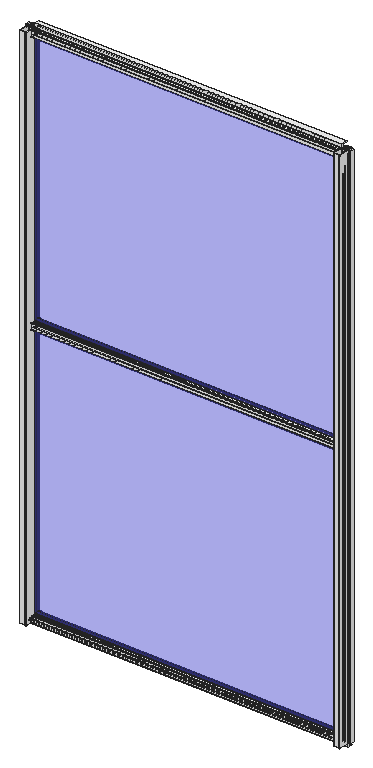
Revit family "Facade_60_Curtain_Wall_E12_Standard", category Windows, host Wall, Revit 2014 (continued)
Definition of nested family "F60 Vertical Profile Side_E12_Std"
  Automatic sketch dimensions
    Extrusion 10 sketch curve to Extrusion 10 sketch curve = 3.2 mm  (x2)
    Extrusion 10 sketch curve to Extrusion 10 sketch curve = 3.031 mm  (x2)
    Extrusion 10 sketch curve to Extrusion 10 sketch curve = 0.6 mm  (x3)
    Extrusion 10 sketch curve to Extrusion 10 sketch curve = 15.584 mm  (x2)
    Extrusion 10 sketch curve to Extrusion 10 sketch curve = 0.808 mm  (x2)
    Extrusion 10 sketch curve to Extrusion 10 sketch curve = 3.038 mm
    Extrusion 10 sketch curve to Extrusion 10 sketch curve = 0.865 mm
    Extrusion 10 sketch curve to Extrusion 10 sketch curve = 1.25 mm  (x5)
    Extrusion 10 sketch curve to Extrusion 10 sketch curve = 0.61 mm
    plane 1 "Center (Front/Back)" to Extrusion 10 sketch curve = 31.288 mm
    Extrusion 10 sketch curve to Extrusion 10 sketch curve = 0.362 mm
    plane 1 "Center (Front/Back)" to Extrusion 10 sketch curve = 31.65 mm
    Extrusion 10 sketch curve to Extrusion 10 sketch curve = 0.962 mm
    Extrusion 10 sketch curve to Extrusion 10 sketch curve = 0.85 mm
    Extrusion 10 sketch curve to Extrusion 10 sketch curve = 0.512 mm  (x2)
    Extrusion 10 sketch curve to Extrusion 10 sketch curve = 0.4 mm  (x2)
    Extrusion 10 sketch curve to Extrusion 10 sketch curve = 1 mm
    Extrusion 10 sketch curve to Extrusion 10 sketch curve = 2.8 mm
    Extrusion 10 sketch curve to Extrusion 10 sketch curve = 0 mm  (x2)
    Extrusion 10 sketch curve to Extrusion 10 sketch curve = 1.4 mm
    Extrusion 10 sketch curve to Extrusion 10 sketch curve = 0.539 mm  (x2)
    plane 1 "Center (Front/Back)" to Extrusion 10 sketch curve = 28.864 mm
    Extrusion 11 sketch curve to plane 3 "Center (Left/Right)" = 0 mm
    plane 3 "Center (Left/Right)" to Extrusion 11 sketch curve = 0.65 mm
    Extrusion 11 sketch curve to Extrusion 11 sketch curve = 0.128 mm  (x2)
    plane 3 "Center (Left/Right)" to Extrusion 11 sketch curve = 1.014 mm
    plane 3 "Center (Left/Right)" to Extrusion 11 sketch curve = 1.05 mm
    Extrusion 11 sketch curve to Extrusion 11 sketch curve = 0.469 mm  (x2)
    Extrusion 11 sketch curve to Extrusion 11 sketch curve = 1.079 mm
    Extrusion 11 sketch curve to Extrusion 11 sketch curve = 1.317 mm  (x2)
    Extrusion 11 sketch curve to Extrusion 11 sketch curve = 0 mm  (x3)
    plane 3 "Center (Left/Right)" to Extrusion 11 sketch curve = 3.85 mm
    Extrusion 11 sketch curve to Extrusion 11 sketch curve = 0.15 mm  (x2)
    Extrusion 11 sketch curve to Extrusion 11 sketch curve = 26 mm  (x2)
    Extrusion 11 sketch curve to Extrusion 11 sketch curve = 1.05 mm
    Extrusion 11 sketch curve to Extrusion 11 sketch curve = 0.707 mm
    Extrusion 11 sketch curve to Extrusion 11 sketch curve = 0.433 mm
    plane 1 "Center (Front/Back)" to Extrusion 11 sketch curve = 31.288 mm
    plane 1 "Center (Front/Back)" to Extrusion 11 sketch curve = 28.065 mm
    Extrusion 11 sketch curve to Extrusion 11 sketch curve = 1.314 mm
    Extrusion 11 sketch curve to Extrusion 11 sketch curve = 0.65 mm
    Extrusion 11 sketch curve to Extrusion 11 sketch curve = 0.5 mm  (x2)
    plane 1 "Center (Front/Back)" to Extrusion 11 sketch curve = 32.75 mm
    Extrusion 11 sketch curve to Extrusion 11 sketch curve = 0.1 mm  (x3)
    Extrusion 11 sketch curve to Extrusion 11 sketch curve = 1.1 mm  (x2)
    Extrusion 11 sketch curve to Extrusion 11 sketch curve = 8.608 mm
    Extrusion 11 sketch curve to Extrusion 11 sketch curve = 0.962 mm
    Extrusion 12 sketch curve to plane 3 "Center (Left/Right)" = 21.349 mm
    Extrusion 12 sketch curve to Extrusion 12 sketch curve = 6.35 mm
    plane 3 "Center (Left/Right)" to Extrusion 12 sketch curve = 10.403 mm
    plane 1 "Center (Front/Back)" to Extrusion 12 sketch curve = 35.567 mm
    plane 1 "Center (Front/Back)" to Extrusion 12 sketch curve = 10.171 mm
    plane 1 "Center (Front/Back)" to Extrusion 12 sketch curve = 3.821 mm
    Extrusion 13 sketch curve to plane 3 "Center (Left/Right)" = 21.35 mm
    Extrusion 13 sketch curve to Extrusion 13 sketch curve = 6.35 mm
    plane 3 "Center (Left/Right)" to Extrusion 13 sketch curve = 10.402 mm
    plane 1 "Center (Front/Back)" to Extrusion 13 sketch curve = 33.172 mm
    plane 1 "Center (Front/Back)" to Extrusion 13 sketch curve = 7.775 mm
    plane 1 "Center (Front/Back)" to Extrusion 13 sketch curve = 1.425 mm
    Extrusion 14 sketch curve to plane 3 "Center (Left/Right)" = 0 mm
    plane 3 "Center (Left/Right)" to Extrusion 14 sketch curve = 1.2 mm
    Extrusion 14 sketch curve to Extrusion 14 sketch curve = 9.6 mm
    Extrusion 14 sketch curve to Extrusion 14 sketch curve = 1.2 mm  (x3)
    plane 1 "Center (Front/Back)" to Extrusion 14 sketch curve = 25.775 mm
    plane 1 "Center (Front/Back)" to Extrusion 14 sketch curve = 8.975 mm
    curve 4 to Extrusion 6 = 0 mm
    curve 3 to Extrusion 6 = 0 mm
    curve 1 to Extrusion 6 = 0 mm
    curve 4 to Extrusion 6 = 3.6 mm
    curve 3 to Extrusion 6 = 3.6 mm
    curve 1 to Extrusion 6 = 3.6 mm
    Extrusion 6 to curve 2 = 1 mm
    Extrusion 6 to curve 5 = 1 mm
    Extrusion 6 to curve 6 = 1 mm
    curve 6 to Extrusion 6 = 1 mm
    curve 5 to Extrusion 6 = 1 mm
    curve 2 to Extrusion 6 = 1 mm
    curve 9 to Extrusion 6 = 0 mm
    curve 8 to Extrusion 6 = 0 mm
    curve 7 to Extrusion 6 = 0 mm
    Extrusion 6 to curve 8 = 3.6 mm
    Extrusion 6 to curve 9 = 3.6 mm
    Extrusion 6 to curve 7 = 3.6 mm
    curve 12 to Extrusion 5 = 25.894 mm
    curve 11 to Extrusion 5 = 25.894 mm
    curve 10 to Extrusion 5 = 25.894 mm
    curve 10 to Extrusion 5 = 0.108 mm
    Extrusion 5 to curve 12 = 0.703 mm
    Extrusion 5 to curve 11 = 0.703 mm
    curve 13 to Extrusion 5 = 4 mm
    curve 14 to Extrusion 5 = 4 mm
    curve 15 to Extrusion 5 = 4 mm
    Extrusion 5 to curve 15 = 0.702 mm
    Extrusion 5 to curve 14 = 0.702 mm
    Extrusion 5 to curve 13 = 0.702 mm
    curve 18 to Extrusion 7 = 0 mm
    curve 17 to Extrusion 7 = 0 mm
    curve 16 to Extrusion 7 = 0 mm
    Extrusion 7 to curve 17 = 3.6 mm
    Extrusion 7 to curve 18 = 3.6 mm
    Extrusion 7 to curve 16 = 3.6 mm
    Extrusion 7 to curve 21 = 1 mm  (x2)
    Extrusion 7 to curve 20 = 1 mm  (x2)
    Extrusion 7 to curve 19 = 1 mm  (x2)
    curve 24 to Extrusion 7 = 0 mm
    curve 23 to Extrusion 7 = 0 mm
    curve 22 to Extrusion 7 = 0 mm
    curve 24 to Extrusion 7 = 3.6 mm
    curve 23 to Extrusion 7 = 3.6 mm
    curve 22 to Extrusion 7 = 3.6 mm
    curve 27 to Extrusion 8 = 0 mm
    curve 26 to Extrusion 8 = 0 mm
    curve 25 to Extrusion 8 = 0 mm
    Extrusion 8 to curve 26 = 3.6 mm
    Extrusion 8 to curve 27 = 3.6 mm
    Extrusion 8 to curve 25 = 3.6 mm
    Extrusion 8 to curve 30 = 0.221 mm
    Extrusion 8 to curve 29 = 0.221 mm
    Extrusion 8 to curve 28 = 0.221 mm
    curve 29 to Extrusion 8 = 0.222 mm
    curve 30 to Extrusion 8 = 0.222 mm
    curve 28 to Extrusion 8 = 0.222 mm
    curve 33 to Extrusion 8 = 0 mm
    curve 32 to Extrusion 8 = 0 mm
    curve 31 to Extrusion 8 = 0 mm
    curve 33 to Extrusion 8 = 3.6 mm
    curve 32 to Extrusion 8 = 3.6 mm
    curve 31 to Extrusion 8 = 3.6 mm
    curve 34 to Extrusion 11 = 4.016 mm
    curve 35 to Extrusion 11 = 4.016 mm
    curve 36 to Extrusion 11 = 3.97 mm
    Extrusion 11 to curve 36 = 0.637 mm
    Extrusion 11 to curve 35 = 0.637 mm
    Extrusion 11 to curve 34 = 0.637 mm
    curve 37 to Extrusion 11 = 29.221 mm
    curve 38 to Extrusion 11 = 29.221 mm
    curve 39 to Extrusion 11 = 29.221 mm
    Extrusion 11 to curve 39 = 3.222 mm
    Extrusion 11 to curve 38 = 3.222 mm
    Extrusion 11 to curve 37 = 3.222 mm
Definition of nested family "F60 Horizontal Profile Top_E12_Std"
  Parameters (values of type "F60 Horizontal Profile Top")
    Thermal Break Material [instance] = none
    Single Glazing [instance] = yes
    Profile Material [instance] = none
    Length [instance] = 250 mm
    Double Glazing [instance] = yes
  Reference planes
    plane 1 "Center (Front/Back)": y = 0
    plane 2: z = 0
    plane 3 "Center (Left/Right)": x = 0
  Forms (mm)
    Extrusion 1, solid, material <- "Profile Material"
      sketch origin (0, 0, 0) x (0, 1, 0) y (0, 0, 1)
        loop
          line (-9.94, 7.845) -> (-8.37, 6.275) -> (-1.2, 10.415) -> (-1.2, 1.2) -> (-5, 1.2) -> (-5, 0) -> (-1, 0)
          arc (-1, 0) -> (-0.293, 0.293) -> (0, 1) r 1
          line (0, 1) -> (0, 30) -> (0, 59)
          arc (0, 59) -> (-0.293, 59.707) -> (-1, 60) r 1
          line (-1, 60) -> (-5, 60) -> (-5, 58.8) -> (-1.2, 58.8) -> (-1.2, 49.585) -> (-8.37, 53.725) -> (-9.94, 52.155)
          arc (-9.94, 52.155) -> (-9.902, 51.269) -> (-9.016, 51.232) r 0.655
          line (-9.016, 51.232) -> (-8.077, 52.17) -> (-1.2, 48.2) -> (-1.2, 30) -> (-1.2, 11.8) -> (-8.077, 7.83) -> (-9.016, 8.768)
          arc (-9.016, 8.768) -> (-9.902, 8.731) -> (-9.94, 7.845) r 0.655
      from 0 to 250 <- "Length"
    Extrusion 2, solid, material <- "Profile Material"
      sketch origin (0, 0, 0) x (0, 1, 0) y (0, 0, 1)
        loop
          line (-5, 60) -> (-44.6, 60) -> (-44.6, 58.35) -> (-39.944, 58.35) -> (-39.944, 1.65) -> (-44.6, 1.65) -> (-44.6, 0) -> (-5, 0) -> (-5, 2.2) -> (-4.2, 2.2) -> (-4.2, 3.018)
          arc (-4.2, 3.018) -> (-4.352, 3.783) -> (-4.786, 4.432) r 2
          line (-4.786, 4.432) -> (-7.054, 6.7) -> (-8, 6.489) -> (-8, 5.7) -> (-7.205, 5.7) -> (-7.205, 2.95) -> (-8, 2.95) -> (-8, 1.95) -> (-12.752, 1.95) -> (-12.752, 6.7) -> (-14.152, 6.7) -> (-14.152, 1.65) -> (-38.65, 1.65) -> (-38.65, 8.33) -> (-37.097, 8.33) -> (-34.666, 6.973)
          arc (-34.666, 6.973) -> (-33.846, 7.192) -> (-34.066, 8.012) r 0.6
          line (-34.066, 8.012) -> (-37.128, 9.78) -> (-38.65, 9.78) -> (-38.65, 12.65) -> (-37.6, 13.7) -> (-37.6, 20.3) -> (-38.65, 21.35) -> (-38.65, 38.65) -> (-37.6, 39.7) -> (-37.6, 46.3) -> (-38.65, 47.35) -> (-38.65, 50.22) -> (-37.128, 50.22) -> (-34.066, 51.988)
          arc (-34.066, 51.988) -> (-33.846, 52.808) -> (-34.666, 53.027) r 0.6
          line (-34.666, 53.027) -> (-37.032, 51.661) -> (-38.65, 51.661) -> (-38.65, 58.35) -> (-14.152, 58.35) -> (-14.152, 53.3) -> (-12.752, 53.3) -> (-12.752, 58.05) -> (-8, 58.05) -> (-8, 57.05) -> (-7.205, 57.05) -> (-7.205, 54.3) -> (-8, 54.3) -> (-8, 53.511) -> (-7.054, 53.3) -> (-4.786, 55.568)
          arc (-4.786, 55.568) -> (-4.352, 56.217) -> (-4.2, 56.982) r 2
          line (-4.2, 56.982) -> (-4.2, 57.8) -> (-5, 57.8) -> (-5, 60)
      from 0 to 250 <- "Length"
    Extrusion 3, solid, material <- "Thermal Break Material"
      sketch origin (0, 0, 0) x (0, 1, 0) y (0, 0, 1)
        loop
          line (-40, 1.75) -> (-40, 30) -> (-40, 58.25) -> (-44.6, 58.25) -> (-44.6, 60) -> (-45.9, 60) -> (-45.9, 53.65) -> (-41.788, 53.65)
          arc (-41.788, 53.65) -> (-41.363, 53.474) -> (-41.187, 53.05) r 0.6
          line (-41.187, 53.05) -> (-41.187, 30) -> (-41.187, 6.95)
          arc (-41.187, 6.95) -> (-41.363, 6.526) -> (-41.788, 6.35) r 0.6
          line (-41.788, 6.35) -> (-45.9, 6.35) -> (-45.9, 0) -> (-44.6, 0) -> (-44.6, 1.75) -> (-40, 1.75)
      from 0 to 250 <- "Length"
    Extrusion 4, solid, material <- "Profile Material"
      sketch origin (0, 0, 0) x (0, 1, 0) y (0, 0, 1)
        loop
          line (-58.5, 25.249) -> (-43.6, 25.249)
          arc (-43.6, 25.249) -> (-43.034, 25.015) -> (-42.8, 24.449) r 0.8
          line (-42.8, 24.449) -> (-42.8, 7.9) -> (-44.4, 7.9) -> (-44.4, 9.45) -> (-45.25, 9.45)
          arc (-45.25, 9.45) -> (-45.674, 9.274) -> (-45.85, 8.85) r 0.6
          line (-45.85, 8.85) -> (-45.85, 7.9) -> (-48.8, 7.9)
          arc (-48.8, 7.9) -> (-49.3, 8.4) -> (-49.8, 7.9) r 0.5
          line (-49.8, 7.9) -> (-49.8, 5.55) -> (-48.65, 5.55) -> (-48.65, 6.7) -> (-47.35, 6.7) -> (-47.35, 1.2) -> (-48.65, 1.2) -> (-48.65, 2.35) -> (-49.8, 2.35) -> (-49.8, 0.5)
          arc (-49.8, 0.5) -> (-49.654, 0.146) -> (-49.3, 0) r 0.5
          line (-49.3, 0) -> (-45.9, 0) -> (-45.9, 6.45) -> (-42.2, 6.45)
          arc (-42.2, 6.45) -> (-41.634, 6.684) -> (-41.4, 7.25) r 0.8
          line (-41.4, 7.25) -> (-41.4, 30) -> (-41.4, 52.75)
          arc (-41.4, 52.75) -> (-41.634, 53.316) -> (-42.2, 53.55) r 0.8
          line (-42.2, 53.55) -> (-45.9, 53.55) -> (-45.9, 60) -> (-49.3, 60)
          arc (-49.3, 60) -> (-49.654, 59.854) -> (-49.8, 59.5) r 0.5
          line (-49.8, 59.5) -> (-49.8, 57.65) -> (-48.65, 57.65) -> (-48.65, 58.8) -> (-47.35, 58.8) -> (-47.35, 53.3) -> (-48.65, 53.3) -> (-48.65, 54.45) -> (-49.8, 54.45) -> (-49.8, 52.1)
          arc (-49.8, 52.1) -> (-49.3, 51.6) -> (-48.8, 52.1) r 0.5
          line (-48.8, 52.1) -> (-45.85, 52.1) -> (-45.85, 51.15)
          arc (-45.85, 51.15) -> (-45.674, 50.726) -> (-45.25, 50.55) r 0.6
          line (-45.25, 50.55) -> (-44.4, 50.55) -> (-44.4, 52.1) -> (-42.8, 52.1) -> (-42.8, 35.551)
          arc (-42.8, 35.551) -> (-43.034, 34.985) -> (-43.6, 34.751) r 0.8
          line (-43.6, 34.751) -> (-58.5, 34.751)
          arc (-58.5, 34.751) -> (-59.066, 34.516) -> (-59.3, 33.951) r 0.8
          line (-59.3, 33.951) -> (-59.3, 32.902) -> (-42.8, 32.902) -> (-42.8, 27.1) -> (-59.3, 27.1) -> (-59.3, 26.049)
          arc (-59.3, 26.049) -> (-59.066, 25.484) -> (-58.5, 25.249) r 0.8
      from 0 to 250 <- "Length"
    Extrusion 5, solid, material <- "Thermal Break Material", visible <- "Single Glazing"
      sketch origin (0, 0, 0) x (0, 1, 0) y (0, 0, 1)
        loop
          arc (-63.8, 25.751) -> (-63.654, 25.397) -> (-63.3, 25.251) r 0.5
          line (-63.3, 25.251) -> (-59.8, 25.251)
          arc (-59.8, 25.251) -> (-59.446, 25.397) -> (-59.3, 25.751) r 0.5
          line (-59.3, 25.751) -> (-59.3, 27.648) -> (-49.599, 27.648) -> (-47.528, 28.651)
          arc (-47.528, 28.651) -> (-46.803, 30.001) -> (-47.528, 31.351) r 1.62
          line (-47.528, 31.351) -> (-49.599, 32.353) -> (-59.3, 32.353) -> (-59.3, 34.251)
          arc (-59.3, 34.251) -> (-59.446, 34.604) -> (-59.8, 34.751) r 0.5
          line (-59.8, 34.751) -> (-63.3, 34.751)
          arc (-63.3, 34.751) -> (-63.654, 34.604) -> (-63.8, 34.251) r 0.5
          line (-63.8, 34.251) -> (-63.8, 32.328) -> (-62.4, 31.52) -> (-62.4, 28.483) -> (-63.8, 27.673) -> (-63.8, 25.751)
        loop
          line (-59.794, 28.506) -> (-59.006, 29.294)
          arc (-59.006, 29.294) -> (-58.788, 29.618) -> (-58.713, 30.001) r 0.986
          arc (-58.713, 30.001) -> (-58.79, 30.384) -> (-59.008, 30.71) r 1.007
          line (-59.008, 30.71) -> (-59.794, 31.496) -> (-60.65, 31.496)
          arc (-60.65, 31.496) -> (-61.004, 31.349) -> (-61.15, 30.996) r 0.5
          line (-61.15, 30.996) -> (-61.15, 29.006)
          arc (-61.15, 29.006) -> (-61.004, 28.652) -> (-60.65, 28.506) r 0.5
          line (-60.65, 28.506) -> (-59.794, 28.506)
        loop
          line (-47.854, 30.898) -> (-49.415, 31.653) -> (-56.782, 31.653)
          arc (-56.782, 31.653) -> (-57.207, 31.417) -> (-57.23, 30.932) r 0.5
          arc (-57.23, 30.932) -> (-57.013, 30.001) -> (-57.23, 29.07) r 2.099
          arc (-57.23, 29.07) -> (-57.207, 28.584) -> (-56.782, 28.348) r 0.5
          line (-56.782, 28.348) -> (-49.415, 28.348) -> (-48.055, 29.007)
          arc (-48.055, 29.007) -> (-47.35, 29.888) -> (-47.854, 30.898) r 1.047
      from 0 to 250 <- "Length"
    Extrusion 6, solid, material <- "Profile Material", visible <- "Single Glazing"
      sketch origin (0, 0, 0) x (0, 1, 0) y (0, 0, 1)
        loop
          line (-63.8, 52.694) -> (-64.8, 52.694) -> (-64.8, 51.544) -> (-66.05, 51.544) -> (-66.05, 57.044) -> (-64.8, 57.044) -> (-64.8, 55.894) -> (-63.8, 55.894) -> (-63.8, 58.294)
          arc (-63.8, 58.294) -> (-64.082, 58.803) -> (-64.664, 58.835) r 0.6
          line (-64.664, 58.835) -> (-66.562, 57.91) -> (-67.088, 58.988) -> (-68.05, 58.519) -> (-68.05, 48.513)
          arc (-68.05, 48.513) -> (-67.874, 48.089) -> (-67.45, 47.913) r 0.6
          line (-67.45, 47.913) -> (-66.6, 47.913) -> (-66.6, 12.09) -> (-67.45, 12.09)
          arc (-67.45, 12.09) -> (-67.874, 11.914) -> (-68.05, 11.49) r 0.6
          line (-68.05, 11.49) -> (-68.05, 1.485) -> (-67.088, 1.016) -> (-66.562, 2.095) -> (-64.663, 1.169)
          arc (-64.663, 1.169) -> (-64.082, 1.2) -> (-63.8, 1.709) r 0.6
          line (-63.8, 1.709) -> (-63.8, 4.109) -> (-64.8, 4.109) -> (-64.8, 2.959) -> (-66.05, 2.959) -> (-66.05, 8.459) -> (-64.8, 8.459) -> (-64.8, 7.309) -> (-63.8, 7.309) -> (-63.8, 27.674) -> (-62.4, 28.483) -> (-62.4, 31.521) -> (-63.8, 32.329) -> (-63.8, 52.694)
      from 0 to 250 <- "Length"
    Extrusion 7, solid, material <- "Profile Material", visible <- "Single Glazing"
      sketch origin (0, 0, 0) x (0, 1, 0) y (0, 0, 1)
        loop
          line (-68.551, 3.3) -> (-76.559, 3.3) -> (-76.559, 30) -> (-76.559, 56.15)
          arc (-76.559, 56.15) -> (-75.739, 58.13) -> (-73.759, 58.95) r 2.8
          line (-73.759, 58.95) -> (-69.151, 58.95) -> (-69.151, 57.2)
          arc (-69.151, 57.2) -> (-68.987, 56.829) -> (-68.601, 56.703) r 0.5
          arc (-68.601, 56.703) -> (-68.216, 56.829) -> (-68.051, 57.2) r 0.5
          line (-68.051, 57.2) -> (-68.051, 58.517) -> (-67.089, 58.986) -> (-66.563, 57.907) -> (-63.866, 59.222)
          arc (-63.866, 59.222) -> (-64.001, 59.762) -> (-64.504, 60) r 0.65
          line (-64.504, 60) -> (-73.859, 60)
          arc (-73.859, 60) -> (-76.687, 58.828) -> (-77.859, 56) r 4
          line (-77.859, 56) -> (-77.859, 30) -> (-77.859, 2.493)
          arc (-77.859, 2.493) -> (-77.197, 0.799) -> (-75.562, 0.002) r 2.5
          arc (-75.562, 0.002) -> (-75.182, 0.132) -> (-75.021, 0.5) r 0.5
          line (-75.021, 0.5) -> (-75.021, 2) -> (-69.151, 2) -> (-69.151, 0.5)
          arc (-69.151, 0.5) -> (-69.005, 0.146) -> (-68.651, 0) r 0.5
          line (-68.651, 0) -> (-64.504, 0)
          arc (-64.504, 0) -> (-64.001, 0.238) -> (-63.866, 0.778) r 0.65
          line (-63.866, 0.778) -> (-66.563, 2.093) -> (-67.089, 1.014) -> (-68.051, 1.483) -> (-68.051, 2.8)
          arc (-68.051, 2.8) -> (-68.198, 3.154) -> (-68.551, 3.3) r 0.5
      from 0 to 250 <- "Length"
    Extrusion 8, solid, material <- "Thermal Break Material", visible <- "Double Glazing"
      sketch origin (0, 0, 0) x (0, 1, 0) y (0, 0, 1)
        loop
          line (-77.8, 27.673) -> (-77.8, 25.751)
          arc (-77.8, 25.751) -> (-77.654, 25.397) -> (-77.3, 25.251) r 0.5
          line (-77.3, 25.251) -> (-59.8, 25.251)
          arc (-59.8, 25.251) -> (-59.446, 25.397) -> (-59.3, 25.751) r 0.5
          line (-59.3, 25.751) -> (-59.3, 27.647) -> (-49.599, 27.647) -> (-47.528, 28.649)
          arc (-47.528, 28.649) -> (-46.803, 29.999) -> (-47.528, 31.349) r 1.62
          line (-47.528, 31.349) -> (-49.602, 32.353) -> (-59.3, 32.353) -> (-59.3, 34.251)
          arc (-59.3, 34.251) -> (-59.446, 34.604) -> (-59.8, 34.751) r 0.5
          line (-59.8, 34.751) -> (-77.3, 34.751)
          arc (-77.3, 34.751) -> (-77.654, 34.604) -> (-77.8, 34.251) r 0.5
          line (-77.8, 34.251) -> (-77.8, 32.327) -> (-76.4, 31.52) -> (-76.4, 28.482) -> (-77.8, 27.673)
        loop
          line (-59.006, 30.708) -> (-61.156, 32.858)
          arc (-61.156, 32.858) -> (-61.48, 33.074) -> (-61.863, 33.151) r 1
          line (-61.863, 33.151) -> (-73.8, 33.151)
          arc (-73.8, 33.151) -> (-74.507, 32.858) -> (-74.8, 32.151) r 1
          line (-74.8, 32.151) -> (-74.8, 27.851)
          arc (-74.8, 27.851) -> (-74.507, 27.144) -> (-73.8, 26.851) r 1
          line (-73.8, 26.851) -> (-61.863, 26.851)
          arc (-61.863, 26.851) -> (-61.48, 26.927) -> (-61.156, 27.144) r 1
          line (-61.156, 27.144) -> (-59.006, 29.294)
          arc (-59.006, 29.294) -> (-58.788, 29.618) -> (-58.713, 30.001) r 0.986
          arc (-58.713, 30.001) -> (-58.79, 30.383) -> (-59.006, 30.708) r 1.007
        loop
          line (-56.782, 28.347) -> (-49.415, 28.347) -> (-48.055, 29.005)
          arc (-48.055, 29.005) -> (-47.35, 29.887) -> (-47.854, 30.896) r 1.047
          line (-47.854, 30.896) -> (-49.415, 31.652) -> (-56.782, 31.652)
          arc (-56.782, 31.652) -> (-57.207, 31.416) -> (-57.23, 30.93) r 0.5
          arc (-57.23, 30.93) -> (-57.013, 29.999) -> (-57.23, 29.068) r 2.099
          arc (-57.23, 29.068) -> (-57.207, 28.583) -> (-56.782, 28.347) r 0.5
      from 0 to 250 <- "Length"
    Extrusion 9, solid, material <- "Profile Material", visible <- "Double Glazing"
      sketch origin (0, 0, 0) x (0, 1, 0) y (0, 0, 1)
        loop
          line (-77.8, 52.694) -> (-78.8, 52.694) -> (-78.8, 51.544) -> (-80.05, 51.544) -> (-80.05, 57.044) -> (-78.8, 57.044) -> (-78.8, 55.894) -> (-77.8, 55.894) -> (-77.8, 58.294)
          arc (-77.8, 58.294) -> (-78.082, 58.802) -> (-78.664, 58.834) r 0.6
          line (-78.664, 58.834) -> (-80.562, 57.909) -> (-81.088, 58.988) -> (-82.05, 58.518) -> (-82.05, 48.512)
          arc (-82.05, 48.512) -> (-81.874, 48.088) -> (-81.45, 47.912) r 0.6
          line (-81.45, 47.912) -> (-80.6, 47.912) -> (-80.6, 12.089) -> (-81.45, 12.089)
          arc (-81.45, 12.089) -> (-81.874, 11.913) -> (-82.05, 11.489) r 0.6
          line (-82.05, 11.489) -> (-82.05, 1.484) -> (-81.088, 1.015) -> (-80.562, 2.094) -> (-78.663, 1.169)
          arc (-78.663, 1.169) -> (-78.082, 1.199) -> (-77.8, 1.708) r 0.6
          line (-77.8, 1.708) -> (-77.8, 4.108) -> (-78.8, 4.108) -> (-78.8, 2.958) -> (-80.05, 2.958) -> (-80.05, 8.458) -> (-78.8, 8.458) -> (-78.8, 7.308) -> (-77.8, 7.308) -> (-77.8, 27.673) -> (-76.4, 28.482) -> (-76.4, 31.52) -> (-77.8, 32.328) -> (-77.8, 52.694)
      from 0 to 250 <- "Length"
    Extrusion 10, solid, material <- "Profile Material", visible <- "Double Glazing"
      sketch origin (0, 0, 0) x (0, 1, 0) y (0, 0, 1)
        loop
          line (-82.551, 3.3) -> (-90.558, 3.3) -> (-90.558, 30) -> (-90.558, 56.15)
          arc (-90.558, 56.15) -> (-89.738, 58.13) -> (-87.758, 58.95) r 2.8
          line (-87.758, 58.95) -> (-83.151, 58.95) -> (-83.151, 57.2)
          arc (-83.151, 57.2) -> (-82.986, 56.829) -> (-82.601, 56.703) r 0.5
          arc (-82.601, 56.703) -> (-82.215, 56.829) -> (-82.051, 57.2) r 0.5
          line (-82.051, 57.2) -> (-82.051, 58.517) -> (-81.088, 58.986) -> (-80.563, 57.907) -> (-77.866, 59.222)
          arc (-77.866, 59.222) -> (-78, 59.762) -> (-78.503, 60) r 0.65
          line (-78.503, 60) -> (-87.858, 60)
          arc (-87.858, 60) -> (-90.687, 58.828) -> (-91.858, 56) r 4
          line (-91.858, 56) -> (-91.858, 30) -> (-91.858, 2.493)
          arc (-91.858, 2.493) -> (-91.196, 0.799) -> (-89.561, 0.002) r 2.5
          arc (-89.561, 0.002) -> (-89.182, 0.132) -> (-89.021, 0.5) r 0.5
          line (-89.021, 0.5) -> (-89.021, 2) -> (-83.151, 2) -> (-83.151, 0.5)
          arc (-83.151, 0.5) -> (-83.004, 0.146) -> (-82.651, 0) r 0.5
          line (-82.651, 0) -> (-78.503, 0)
          arc (-78.503, 0) -> (-78, 0.238) -> (-77.866, 0.778) r 0.65
          line (-77.866, 0.778) -> (-80.563, 2.093) -> (-81.088, 1.014) -> (-82.051, 1.483) -> (-82.051, 2.8)
          arc (-82.051, 2.8) -> (-82.197, 3.154) -> (-82.551, 3.3) r 0.5
      from 0 to 250 <- "Length"
    Extrusion 11, solid, material <- "Profile Material", visible <- "Double Glazing"
      sketch origin (0, 0, 0) x (0, 1, 0) y (0, 0, 1)
        loop
          line (-57.8, 45.73) -> (-51.8, 45.73) -> (-51.8, 95.73) -> (-101.8, 95.73) -> (-101.8, 89.73) -> (-57.8, 89.73) -> (-57.8, 45.73)
      from 0 to 250 <- "Length"
    Extrusion 12, solid, material <- "Profile Material", visible <- "Double Glazing"
      sketch origin (0, 0, 0) x (0, 1, 0) y (0, 0, 1)
        loop
          line (-75.8, 48) -> (-57.8, 48) -> (-57.8, 60) -> (-75.8, 60) -> (-75.8, 48)
        loop
          line (-74.6, 49.2) -> (-59, 49.2) -> (-59, 58.8) -> (-74.6, 58.8) -> (-74.6, 49.2)
      from 0 to 250 <- "Length"
    Extrusion 13, solid, material <- "Profile Material", visible <- "Single Glazing"
      sketch origin (0, 0, 0) x (0, 1, 0) y (0, 0, 1)
        loop
          line (-59.8, 45.865) -> (-53.8, 45.865) -> (-53.8, 95.865) -> (-103.8, 95.865) -> (-103.8, 89.865) -> (-59.8, 89.865) -> (-59.8, 45.865)
      from 0 to 250 <- "Length"
  Dimensions and locks
    aligned and locked: level to plane 2
Definition of nested family "F60 Sill_E12_Std"
  Parameters (values of type "F60 Sill")
    Profile Material [instance] = none
    Length Sill [instance] = 250 mm
  Reference planes
    plane 1 "Center (Front/Back)": y = 0
    plane 2: z = 0
    plane 3 "Center (Left/Right)": x = 0
  Forms (mm)
    Extrusion 1, solid, material <- "Profile Material"
      sketch origin (0, 0, 0) x (0, 1, 0) y (0, 0, 1)
        loop
          line (-42.734, 5.324) -> (-48.256, 4.643)
          arc (-48.256, 4.643) -> (-49.196, 4.147) -> (-49.572, 3.154) r 1.5
          line (-49.572, 3.154) -> (-49.572, 1.88) -> (-47.772, 1.88) -> (-47.772, 3.191) -> (-19.233, 6.714)
          arc (-19.233, 6.714) -> (-17.924, 7.083) -> (-16.785, 7.826) r 4.5
          line (-16.785, 7.826) -> (-16.785, 1.88) -> (-15.285, 1.88) -> (-15.285, 24.58)
          arc (-15.285, 24.58) -> (-15.109, 25.004) -> (-14.685, 25.18) r 0.6
          line (-14.685, 25.18) -> (-4.072, 25.18) -> (-4.072, 1.88) -> (-2.572, 1.88) -> (-2.572, 29.88) -> (-4.072, 29.88) -> (-4.072, 28.88) -> (-5.222, 28.88) -> (-5.222, 27.68) -> (-4.072, 27.68) -> (-4.072, 26.38) -> (-9.572, 26.38) -> (-9.572, 27.68) -> (-8.422, 27.68) -> (-8.422, 28.88) -> (-10.172, 28.88)
          arc (-10.172, 28.88) -> (-10.597, 28.704) -> (-10.772, 28.28) r 0.6
          line (-10.772, 28.28) -> (-10.772, 26.38) -> (-15.285, 26.38)
          arc (-15.285, 26.38) -> (-16.345, 25.941) -> (-16.785, 24.88) r 1.5
          line (-16.785, 24.88) -> (-16.785, 11.18)
          arc (-16.785, 11.18) -> (-17.537, 9.193) -> (-19.417, 8.203) r 3
          line (-19.417, 8.203) -> (-39.35, 5.742)
          arc (-39.35, 5.742) -> (-40.527, 6.107) -> (-41.034, 7.231) r 1.5
          line (-41.034, 7.231) -> (-41.034, 19.996)
          arc (-41.034, 19.996) -> (-40.883, 20.394) -> (-40.507, 20.592) r 0.6
          line (-40.507, 20.592) -> (-32.917, 21.529)
          arc (-32.917, 21.529) -> (-31.977, 22.024) -> (-31.601, 23.017) r 1.5
          line (-31.601, 23.017) -> (-31.601, 28.88) -> (-33.101, 28.88) -> (-33.101, 23.548)
          arc (-33.101, 23.548) -> (-33.251, 23.15) -> (-33.627, 22.952) r 0.6
          line (-33.627, 22.952) -> (-45.787, 21.451)
          arc (-45.787, 21.451) -> (-46.727, 20.956) -> (-47.104, 19.962) r 1.5
          line (-47.104, 19.962) -> (-47.104, 19.054)
          arc (-47.104, 19.054) -> (-46.957, 18.7) -> (-46.604, 18.554) r 0.5
          line (-46.604, 18.554) -> (-45.604, 18.554) -> (-45.604, 19.962) -> (-42.734, 20.317) -> (-42.734, 5.324)
      from 0 to 250 <- "Length Sill"
  Dimensions and locks
    aligned and locked: level to plane 2
Definition of nested family "F60 Horizontal Profile Bottom_E12_Std"
  Parameters (values of type "F60 Horizontal Profile Bottom")
    Thermal Break Material [instance] = none
    Single Glazing [instance] = yes
    Profile Material [instance] = none
    Length [instance] = 250 mm
    Double Glazing [instance] = yes
  Reference planes
    plane 1 "Center (Front/Back)": y = 0
    plane 2: z = 0
    plane 3 "Center (Left/Right)": x = 0
  Forms (mm)
    Extrusion 1, solid, material <- "Profile Material"
      sketch origin (0, 0, 0) x (0, 1, 0) y (0, 0, 1)
        loop
          line (-9.94, 7.845) -> (-8.37, 6.275) -> (-1.2, 10.415) -> (-1.2, 1.2) -> (-5, 1.2) -> (-5, 0) -> (-1, 0)
          arc (-1, 0) -> (-0.293, 0.293) -> (0, 1) r 1
          line (0, 1) -> (0, 30) -> (0, 59)
          arc (0, 59) -> (-0.293, 59.707) -> (-1, 60) r 1
          line (-1, 60) -> (-5, 60) -> (-5, 58.8) -> (-1.2, 58.8) -> (-1.2, 49.585) -> (-8.37, 53.725) -> (-9.94, 52.155)
          arc (-9.94, 52.155) -> (-9.902, 51.269) -> (-9.016, 51.232) r 0.655
          line (-9.016, 51.232) -> (-8.077, 52.17) -> (-1.2, 48.2) -> (-1.2, 30) -> (-1.2, 11.8) -> (-8.077, 7.83) -> (-9.016, 8.768)
          arc (-9.016, 8.768) -> (-9.902, 8.731) -> (-9.94, 7.845) r 0.655
      from 0 to 250 <- "Length"
    Extrusion 2, solid, material <- "Profile Material"
      sketch origin (0, 0, 0) x (0, 1, 0) y (0, 0, 1)
        loop
          line (-5, 60) -> (-44.6, 60) -> (-44.6, 58.35) -> (-39.944, 58.35) -> (-39.944, 1.65) -> (-44.6, 1.65) -> (-44.6, 0) -> (-5, 0) -> (-5, 2.2) -> (-4.2, 2.2) -> (-4.2, 3.018)
          arc (-4.2, 3.018) -> (-4.352, 3.783) -> (-4.786, 4.432) r 2
          line (-4.786, 4.432) -> (-7.054, 6.7) -> (-8, 6.489) -> (-8, 5.7) -> (-7.205, 5.7) -> (-7.205, 2.95) -> (-8, 2.95) -> (-8, 1.95) -> (-12.752, 1.95) -> (-12.752, 6.7) -> (-14.152, 6.7) -> (-14.152, 1.65) -> (-38.65, 1.65) -> (-38.65, 8.33) -> (-37.097, 8.33) -> (-34.666, 6.973)
          arc (-34.666, 6.973) -> (-33.846, 7.192) -> (-34.066, 8.012) r 0.6
          line (-34.066, 8.012) -> (-37.128, 9.78) -> (-38.65, 9.78) -> (-38.65, 12.65) -> (-37.6, 13.7) -> (-37.6, 20.3) -> (-38.65, 21.35) -> (-38.65, 38.65) -> (-37.6, 39.7) -> (-37.6, 46.3) -> (-38.65, 47.35) -> (-38.65, 50.22) -> (-37.128, 50.22) -> (-34.066, 51.988)
          arc (-34.066, 51.988) -> (-33.846, 52.808) -> (-34.666, 53.027) r 0.6
          line (-34.666, 53.027) -> (-37.032, 51.661) -> (-38.65, 51.661) -> (-38.65, 58.35) -> (-14.152, 58.35) -> (-14.152, 53.3) -> (-12.752, 53.3) -> (-12.752, 58.05) -> (-8, 58.05) -> (-8, 57.05) -> (-7.205, 57.05) -> (-7.205, 54.3) -> (-8, 54.3) -> (-8, 53.511) -> (-7.054, 53.3) -> (-4.786, 55.568)
          arc (-4.786, 55.568) -> (-4.352, 56.217) -> (-4.2, 56.982) r 2
          line (-4.2, 56.982) -> (-4.2, 57.8) -> (-5, 57.8) -> (-5, 60)
      from 0 to 250 <- "Length"
    Extrusion 3, solid, material <- "Thermal Break Material"
      sketch origin (0, 0, 0) x (0, 1, 0) y (0, 0, 1)
        loop
          line (-40, 1.75) -> (-40, 30) -> (-40, 58.25) -> (-44.6, 58.25) -> (-44.6, 60) -> (-45.9, 60) -> (-45.9, 53.65) -> (-41.788, 53.65)
          arc (-41.788, 53.65) -> (-41.363, 53.474) -> (-41.187, 53.05) r 0.6
          line (-41.187, 53.05) -> (-41.187, 30) -> (-41.187, 6.95)
          arc (-41.187, 6.95) -> (-41.363, 6.526) -> (-41.788, 6.35) r 0.6
          line (-41.788, 6.35) -> (-45.9, 6.35) -> (-45.9, 0) -> (-44.6, 0) -> (-44.6, 1.75) -> (-40, 1.75)
      from 0 to 250 <- "Length"
    Extrusion 4, solid, material <- "Profile Material"
      sketch origin (0, 0, 0) x (0, 1, 0) y (0, 0, 1)
        loop
          line (-58.5, 25.249) -> (-43.6, 25.249)
          arc (-43.6, 25.249) -> (-43.034, 25.015) -> (-42.8, 24.449) r 0.8
          line (-42.8, 24.449) -> (-42.8, 7.9) -> (-44.4, 7.9) -> (-44.4, 9.45) -> (-45.25, 9.45)
          arc (-45.25, 9.45) -> (-45.674, 9.274) -> (-45.85, 8.85) r 0.6
          line (-45.85, 8.85) -> (-45.85, 7.9) -> (-48.8, 7.9)
          arc (-48.8, 7.9) -> (-49.3, 8.4) -> (-49.8, 7.9) r 0.5
          line (-49.8, 7.9) -> (-49.8, 5.55) -> (-48.65, 5.55) -> (-48.65, 6.7) -> (-47.35, 6.7) -> (-47.35, 1.2) -> (-48.65, 1.2) -> (-48.65, 2.35) -> (-49.8, 2.35) -> (-49.8, 0.5)
          arc (-49.8, 0.5) -> (-49.654, 0.146) -> (-49.3, 0) r 0.5
          line (-49.3, 0) -> (-45.9, 0) -> (-45.9, 6.45) -> (-42.2, 6.45)
          arc (-42.2, 6.45) -> (-41.634, 6.684) -> (-41.4, 7.25) r 0.8
          line (-41.4, 7.25) -> (-41.4, 30) -> (-41.4, 52.75)
          arc (-41.4, 52.75) -> (-41.634, 53.316) -> (-42.2, 53.55) r 0.8
          line (-42.2, 53.55) -> (-45.9, 53.55) -> (-45.9, 60) -> (-49.3, 60)
          arc (-49.3, 60) -> (-49.654, 59.854) -> (-49.8, 59.5) r 0.5
          line (-49.8, 59.5) -> (-49.8, 57.65) -> (-48.65, 57.65) -> (-48.65, 58.8) -> (-47.35, 58.8) -> (-47.35, 53.3) -> (-48.65, 53.3) -> (-48.65, 54.45) -> (-49.8, 54.45) -> (-49.8, 52.1)
          arc (-49.8, 52.1) -> (-49.3, 51.6) -> (-48.8, 52.1) r 0.5
          line (-48.8, 52.1) -> (-45.85, 52.1) -> (-45.85, 51.15)
          arc (-45.85, 51.15) -> (-45.674, 50.726) -> (-45.25, 50.55) r 0.6
          line (-45.25, 50.55) -> (-44.4, 50.55) -> (-44.4, 52.1) -> (-42.8, 52.1) -> (-42.8, 35.551)
          arc (-42.8, 35.551) -> (-43.034, 34.985) -> (-43.6, 34.751) r 0.8
          line (-43.6, 34.751) -> (-58.5, 34.751)
          arc (-58.5, 34.751) -> (-59.066, 34.516) -> (-59.3, 33.951) r 0.8
          line (-59.3, 33.951) -> (-59.3, 32.902) -> (-42.8, 32.902) -> (-42.8, 27.1) -> (-59.3, 27.1) -> (-59.3, 26.049)
          arc (-59.3, 26.049) -> (-59.066, 25.484) -> (-58.5, 25.249) r 0.8
      from 0 to 250 <- "Length"
    Extrusion 5, solid, material <- "Thermal Break Material", visible <- "Single Glazing"
      sketch origin (0, 0, 0) x (0, 1, 0) y (0, 0, 1)
        loop
          arc (-63.8, 25.751) -> (-63.654, 25.397) -> (-63.3, 25.251) r 0.5
          line (-63.3, 25.251) -> (-59.8, 25.251)
          arc (-59.8, 25.251) -> (-59.446, 25.397) -> (-59.3, 25.751) r 0.5
          line (-59.3, 25.751) -> (-59.3, 27.648) -> (-49.599, 27.648) -> (-47.528, 28.651)
          arc (-47.528, 28.651) -> (-46.803, 30.001) -> (-47.528, 31.351) r 1.62
          line (-47.528, 31.351) -> (-49.599, 32.353) -> (-59.3, 32.353) -> (-59.3, 34.251)
          arc (-59.3, 34.251) -> (-59.446, 34.604) -> (-59.8, 34.751) r 0.5
          line (-59.8, 34.751) -> (-63.3, 34.751)
          arc (-63.3, 34.751) -> (-63.654, 34.604) -> (-63.8, 34.251) r 0.5
          line (-63.8, 34.251) -> (-63.8, 32.328) -> (-62.4, 31.52) -> (-62.4, 28.483) -> (-63.8, 27.673) -> (-63.8, 25.751)
        loop
          line (-59.794, 28.506) -> (-59.006, 29.294)
          arc (-59.006, 29.294) -> (-58.788, 29.618) -> (-58.713, 30.001) r 0.986
          arc (-58.713, 30.001) -> (-58.79, 30.384) -> (-59.008, 30.71) r 1.007
          line (-59.008, 30.71) -> (-59.794, 31.496) -> (-60.65, 31.496)
          arc (-60.65, 31.496) -> (-61.004, 31.349) -> (-61.15, 30.996) r 0.5
          line (-61.15, 30.996) -> (-61.15, 29.006)
          arc (-61.15, 29.006) -> (-61.004, 28.652) -> (-60.65, 28.506) r 0.5
          line (-60.65, 28.506) -> (-59.794, 28.506)
        loop
          line (-47.854, 30.898) -> (-49.415, 31.653) -> (-56.782, 31.653)
          arc (-56.782, 31.653) -> (-57.207, 31.417) -> (-57.23, 30.932) r 0.5
          arc (-57.23, 30.932) -> (-57.013, 30.001) -> (-57.23, 29.07) r 2.099
          arc (-57.23, 29.07) -> (-57.207, 28.584) -> (-56.782, 28.348) r 0.5
          line (-56.782, 28.348) -> (-49.415, 28.348) -> (-48.055, 29.007)
          arc (-48.055, 29.007) -> (-47.35, 29.888) -> (-47.854, 30.898) r 1.047
      from 0 to 250 <- "Length"
    Extrusion 6, solid, material <- "Profile Material", visible <- "Single Glazing"
      sketch origin (0, 0, 0) x (0, 1, 0) y (0, 0, 1)
        loop
          line (-63.8, 52.694) -> (-64.8, 52.694) -> (-64.8, 51.544) -> (-66.05, 51.544) -> (-66.05, 57.044) -> (-64.8, 57.044) -> (-64.8, 55.894) -> (-63.8, 55.894) -> (-63.8, 58.294)
          arc (-63.8, 58.294) -> (-64.082, 58.803) -> (-64.664, 58.835) r 0.6
          line (-64.664, 58.835) -> (-66.562, 57.91) -> (-67.088, 58.988) -> (-68.05, 58.519) -> (-68.05, 48.513)
          arc (-68.05, 48.513) -> (-67.874, 48.089) -> (-67.45, 47.913) r 0.6
          line (-67.45, 47.913) -> (-66.6, 47.913) -> (-66.6, 12.09) -> (-67.45, 12.09)
          arc (-67.45, 12.09) -> (-67.874, 11.914) -> (-68.05, 11.49) r 0.6
          line (-68.05, 11.49) -> (-68.05, 1.485) -> (-67.088, 1.016) -> (-66.562, 2.095) -> (-64.663, 1.169)
          arc (-64.663, 1.169) -> (-64.082, 1.2) -> (-63.8, 1.709) r 0.6
          line (-63.8, 1.709) -> (-63.8, 4.109) -> (-64.8, 4.109) -> (-64.8, 2.959) -> (-66.05, 2.959) -> (-66.05, 8.459) -> (-64.8, 8.459) -> (-64.8, 7.309) -> (-63.8, 7.309) -> (-63.8, 27.674) -> (-62.4, 28.483) -> (-62.4, 31.521) -> (-63.8, 32.329) -> (-63.8, 52.694)
      from 0 to 250 <- "Length"
    Extrusion 7, solid, material <- "Profile Material", visible <- "Single Glazing"
      sketch origin (0, 0, 0) x (0, 1, 0) y (0, 0, 1)
        loop
          line (-68.551, 3.3) -> (-76.559, 3.3) -> (-76.559, 30) -> (-76.559, 56.15)
          arc (-76.559, 56.15) -> (-75.739, 58.13) -> (-73.759, 58.95) r 2.8
          line (-73.759, 58.95) -> (-69.151, 58.95) -> (-69.151, 57.2)
          arc (-69.151, 57.2) -> (-68.987, 56.829) -> (-68.601, 56.703) r 0.5
          arc (-68.601, 56.703) -> (-68.216, 56.829) -> (-68.051, 57.2) r 0.5
          line (-68.051, 57.2) -> (-68.051, 58.517) -> (-67.089, 58.986) -> (-66.563, 57.907) -> (-63.866, 59.222)
          arc (-63.866, 59.222) -> (-64.001, 59.762) -> (-64.504, 60) r 0.65
          line (-64.504, 60) -> (-73.859, 60)
          arc (-73.859, 60) -> (-76.687, 58.828) -> (-77.859, 56) r 4
          line (-77.859, 56) -> (-77.859, 30) -> (-77.859, 2.493)
          arc (-77.859, 2.493) -> (-77.197, 0.799) -> (-75.562, 0.002) r 2.5
          arc (-75.562, 0.002) -> (-75.182, 0.132) -> (-75.021, 0.5) r 0.5
          line (-75.021, 0.5) -> (-75.021, 2) -> (-69.151, 2) -> (-69.151, 0.5)
          arc (-69.151, 0.5) -> (-69.005, 0.146) -> (-68.651, 0) r 0.5
          line (-68.651, 0) -> (-64.504, 0)
          arc (-64.504, 0) -> (-64.001, 0.238) -> (-63.866, 0.778) r 0.65
          line (-63.866, 0.778) -> (-66.563, 2.093) -> (-67.089, 1.014) -> (-68.051, 1.483) -> (-68.051, 2.8)
          arc (-68.051, 2.8) -> (-68.198, 3.154) -> (-68.551, 3.3) r 0.5
      from 0 to 250 <- "Length"
    Extrusion 8, solid, material <- "Thermal Break Material", visible <- "Double Glazing"
      sketch origin (0, 0, 0) x (0, 1, 0) y (0, 0, 1)
        loop
          line (-77.8, 27.673) -> (-77.8, 25.751)
          arc (-77.8, 25.751) -> (-77.654, 25.397) -> (-77.3, 25.251) r 0.5
          line (-77.3, 25.251) -> (-59.8, 25.251)
          arc (-59.8, 25.251) -> (-59.446, 25.397) -> (-59.3, 25.751) r 0.5
          line (-59.3, 25.751) -> (-59.3, 27.647) -> (-49.599, 27.647) -> (-47.528, 28.649)
          arc (-47.528, 28.649) -> (-46.803, 29.999) -> (-47.528, 31.349) r 1.62
          line (-47.528, 31.349) -> (-49.602, 32.353) -> (-59.3, 32.353) -> (-59.3, 34.251)
          arc (-59.3, 34.251) -> (-59.446, 34.604) -> (-59.8, 34.751) r 0.5
          line (-59.8, 34.751) -> (-77.3, 34.751)
          arc (-77.3, 34.751) -> (-77.654, 34.604) -> (-77.8, 34.251) r 0.5
          line (-77.8, 34.251) -> (-77.8, 32.327) -> (-76.4, 31.52) -> (-76.4, 28.482) -> (-77.8, 27.673)
        loop
          line (-59.006, 30.708) -> (-61.156, 32.858)
          arc (-61.156, 32.858) -> (-61.48, 33.074) -> (-61.863, 33.151) r 1
          line (-61.863, 33.151) -> (-73.8, 33.151)
          arc (-73.8, 33.151) -> (-74.507, 32.858) -> (-74.8, 32.151) r 1
          line (-74.8, 32.151) -> (-74.8, 27.851)
          arc (-74.8, 27.851) -> (-74.507, 27.144) -> (-73.8, 26.851) r 1
          line (-73.8, 26.851) -> (-61.863, 26.851)
          arc (-61.863, 26.851) -> (-61.48, 26.927) -> (-61.156, 27.144) r 1
          line (-61.156, 27.144) -> (-59.006, 29.294)
          arc (-59.006, 29.294) -> (-58.788, 29.618) -> (-58.713, 30.001) r 0.986
          arc (-58.713, 30.001) -> (-58.79, 30.383) -> (-59.006, 30.708) r 1.007
        loop
          line (-56.782, 28.347) -> (-49.415, 28.347) -> (-48.055, 29.005)
          arc (-48.055, 29.005) -> (-47.35, 29.887) -> (-47.854, 30.896) r 1.047
          line (-47.854, 30.896) -> (-49.415, 31.652) -> (-56.782, 31.652)
          arc (-56.782, 31.652) -> (-57.207, 31.416) -> (-57.23, 30.93) r 0.5
          arc (-57.23, 30.93) -> (-57.013, 29.999) -> (-57.23, 29.068) r 2.099
          arc (-57.23, 29.068) -> (-57.207, 28.583) -> (-56.782, 28.347) r 0.5
      from 0 to 250 <- "Length"
    Extrusion 9, solid, material <- "Profile Material", visible <- "Double Glazing"
      sketch origin (0, 0, 0) x (0, 1, 0) y (0, 0, 1)
        loop
          line (-77.8, 52.694) -> (-78.8, 52.694) -> (-78.8, 51.544) -> (-80.05, 51.544) -> (-80.05, 57.044) -> (-78.8, 57.044) -> (-78.8, 55.894) -> (-77.8, 55.894) -> (-77.8, 58.294)
          arc (-77.8, 58.294) -> (-78.082, 58.802) -> (-78.664, 58.834) r 0.6
          line (-78.664, 58.834) -> (-80.562, 57.909) -> (-81.088, 58.988) -> (-82.05, 58.518) -> (-82.05, 48.512)
          arc (-82.05, 48.512) -> (-81.874, 48.088) -> (-81.45, 47.912) r 0.6
          line (-81.45, 47.912) -> (-80.6, 47.912) -> (-80.6, 12.089) -> (-81.45, 12.089)
          arc (-81.45, 12.089) -> (-81.874, 11.913) -> (-82.05, 11.489) r 0.6
          line (-82.05, 11.489) -> (-82.05, 1.484) -> (-81.088, 1.015) -> (-80.562, 2.094) -> (-78.663, 1.169)
          arc (-78.663, 1.169) -> (-78.082, 1.199) -> (-77.8, 1.708) r 0.6
          line (-77.8, 1.708) -> (-77.8, 4.108) -> (-78.8, 4.108) -> (-78.8, 2.958) -> (-80.05, 2.958) -> (-80.05, 8.458) -> (-78.8, 8.458) -> (-78.8, 7.308) -> (-77.8, 7.308) -> (-77.8, 27.673) -> (-76.4, 28.482) -> (-76.4, 31.52) -> (-77.8, 32.328) -> (-77.8, 52.694)
      from 0 to 250 <- "Length"
    Extrusion 10, solid, material <- "Profile Material", visible <- "Double Glazing"
      sketch origin (0, 0, 0) x (0, 1, 0) y (0, 0, 1)
        loop
          line (-82.551, 3.3) -> (-90.558, 3.3) -> (-90.558, 30) -> (-90.558, 56.15)
          arc (-90.558, 56.15) -> (-89.738, 58.13) -> (-87.758, 58.95) r 2.8
          line (-87.758, 58.95) -> (-83.151, 58.95) -> (-83.151, 57.2)
          arc (-83.151, 57.2) -> (-82.986, 56.829) -> (-82.601, 56.703) r 0.5
          arc (-82.601, 56.703) -> (-82.215, 56.829) -> (-82.051, 57.2) r 0.5
          line (-82.051, 57.2) -> (-82.051, 58.517) -> (-81.088, 58.986) -> (-80.563, 57.907) -> (-77.866, 59.222)
          arc (-77.866, 59.222) -> (-78, 59.762) -> (-78.503, 60) r 0.65
          line (-78.503, 60) -> (-87.858, 60)
          arc (-87.858, 60) -> (-90.687, 58.828) -> (-91.858, 56) r 4
          line (-91.858, 56) -> (-91.858, 30) -> (-91.858, 2.493)
          arc (-91.858, 2.493) -> (-91.196, 0.799) -> (-89.561, 0.002) r 2.5
          arc (-89.561, 0.002) -> (-89.182, 0.132) -> (-89.021, 0.5) r 0.5
          line (-89.021, 0.5) -> (-89.021, 2) -> (-83.151, 2) -> (-83.151, 0.5)
          arc (-83.151, 0.5) -> (-83.004, 0.146) -> (-82.651, 0) r 0.5
          line (-82.651, 0) -> (-78.503, 0)
          arc (-78.503, 0) -> (-78, 0.238) -> (-77.866, 0.778) r 0.65
          line (-77.866, 0.778) -> (-80.563, 2.093) -> (-81.088, 1.014) -> (-82.051, 1.483) -> (-82.051, 2.8)
          arc (-82.051, 2.8) -> (-82.197, 3.154) -> (-82.551, 3.3) r 0.5
      from 0 to 250 <- "Length"
    Extrusion 11, solid, material <- "Profile Material", visible <- "Single Glazing"
      sketch origin (0, 0, 0) x (0, 1, 0) y (0, 0, 1)
        loop
          line (-63.8, 18) -> (-63.8, 0) -> (-51.8, 0) -> (-51.8, 18) -> (-63.8, 18)
        loop
          line (-62.6, 16.8) -> (-62.6, 1.2) -> (-53, 1.2) -> (-53, 16.8) -> (-62.6, 16.8)
      from 0 to 250 <- "Length"
    Extrusion 12, solid, material <- "Profile Material", visible <- "Double Glazing"
      sketch origin (0, 0, 0) x (0, 1, 0) y (0, 0, 1)
        loop
          line (-76.4, 0) -> (-51.4, 0) -> (-51.4, 25) -> (-76.4, 25) -> (-76.4, 0)
        loop
          line (-74.9, 1.5) -> (-52.9, 1.5) -> (-52.9, 23.5) -> (-74.9, 23.5) -> (-74.9, 1.5)
      from 0 to 250 <- "Length"
  Dimensions and locks
    aligned and locked: level to plane 2
Definition of nested family "F60_Single_Glazing_E12_Std"
  Parameters (values of type "F60_Single_Glazing")
    Glazing Width [instance] = 900 mm
    Glazing Height [instance] = 900 mm
    SG Thickness [instance] = 4 mm
    Glazing Finish [instance] = Glass
  Reference planes
    plane 1 "Center (Front/Back)": y = 0
    plane 2: z = 0
    plane 3 "Center (Left/Right)": x = 0
  Forms (mm)
    Extrusion 1, solid, material "Glass" <- "Glazing Finish"
      sketch origin (0, 0, 0) x (1, 0, 0) y (0, 0, 1)
        loop
          line (0, 0) -> (0, 900) -> (-900, 900) -> (-900, 0) -> (0, 0)
      from 0 to 4 <- "SG Thickness"
  Dimensions and locks
    "Glazing Width": plane 3 "Center (Left/Right)" to Extrusion 1 sketch curve
    "Glazing Height": Extrusion 1 sketch curve to level
    aligned and locked: level to plane 2
    aligned and locked: Extrusion 1 sketch curve to plane 3 "Center (Left/Right)"
    aligned and locked: level to Extrusion 1 sketch curve
Definition of nested family "F60_Double_Glazing_E12_Std"
  Parameters (values of type "F60_Double_Glazing")
    Glazing Width [instance] = 600 mm
    Glazing Height [instance] = 600 mm
    Glazing Thickness DG [instance] = 4 mm
    Glazing Material [instance] = Glass
    Double Glazing Gasket Thickness [instance] = 12 mm
    Double Glazing Gasket Material [instance] = none
  Reference planes
    plane 1 "Center (Front/Back)": y = 0
    plane 2: z = 0
    plane 3 "Center (Left/Right)": x = 0
  Forms (mm)
    Extrusion 1, solid, material "Glass" <- "Glazing Material"
      sketch origin (0, 0, 0) x (1, 0, 0) y (0, 0, 1)
        loop
          line (0, 0) -> (0, 600) -> (-600, 600) -> (-600, 0) -> (0, 0)
      from 0 to 4 <- "Glazing Thickness DG"
    Extrusion 2, solid, material <- "Double Glazing Gasket Material"
      sketch origin (0, -4, 0) x (1, 0, 0) y (0, 0, 1)
        loop
          line (-600, 600) -> (-600, 0) -> (0, 0) -> (0, 600) -> (-600, 600)
        loop
          line (-592, 8) -> (-8, 8) -> (-8, 592) -> (-592, 592) -> (-592, 8)
      from 0 to 12 <- "Double Glazing Gasket Thickness"
    Extrusion 3, solid, material "Glass" <- "Glazing Material"
      sketch origin (0, -16, 0) x (1, 0, 0) y (0, 0, 1)
        loop
          line (-600, 600) -> (-600, 0) -> (0, 0) -> (0, 600) -> (-600, 600)
      from 0 to 4 <- "Glazing Thickness DG"
  Dimensions and locks
    "Glazing Width": plane 3 "Center (Left/Right)" to Extrusion 1 sketch curve
    "Glazing Height": Extrusion 1 sketch curve to level
    aligned and locked: level to plane 2
    aligned and locked: Extrusion 1 sketch curve to plane 3 "Center (Left/Right)"
    aligned and locked: level to Extrusion 1 sketch curve
    aligned and locked: Extrusion 2 sketch curve to Extrusion 1  (x4)
    aligned and locked: Extrusion 3 sketch curve to Extrusion 2  (x4)
  Automatic sketch dimensions
    Extrusion 2 sketch curve to Extrusion 1 = 8 mm  (x4)
Definition of nested family "F60 Horizontal Profile Middle_E12_Std"
  Parameters (values of type "F60 Horizontal Profile Middle")
    Thermal Break Material [instance] = none
    Single Glazing [instance] = yes
    Profile Material [instance] = none
    Length [instance] = 250 mm
    Double Glazing [instance] = yes
  Reference planes
    plane 1 "Center (Front/Back)": y = 0
    plane 2: z = 0
    plane 3 "Center (Left/Right)": x = 0
  Forms (mm)
    Extrusion 1, solid, material <- "Profile Material"
      sketch origin (0, 0, 0) x (0, 1, 0) y (0, 0, 1)
        loop
          line (-9.94, 7.845) -> (-8.37, 6.275) -> (-1.2, 10.415) -> (-1.2, 1.2) -> (-5, 1.2) -> (-5, 0) -> (-1, 0)
          arc (-1, 0) -> (-0.293, 0.293) -> (0, 1) r 1
          line (0, 1) -> (0, 30) -> (0, 59)
          arc (0, 59) -> (-0.293, 59.707) -> (-1, 60) r 1
          line (-1, 60) -> (-5, 60) -> (-5, 58.8) -> (-1.2, 58.8) -> (-1.2, 49.585) -> (-8.37, 53.725) -> (-9.94, 52.155)
          arc (-9.94, 52.155) -> (-9.902, 51.269) -> (-9.016, 51.232) r 0.655
          line (-9.016, 51.232) -> (-8.077, 52.17) -> (-1.2, 48.2) -> (-1.2, 30) -> (-1.2, 11.8) -> (-8.077, 7.83) -> (-9.016, 8.768)
          arc (-9.016, 8.768) -> (-9.902, 8.731) -> (-9.94, 7.845) r 0.655
      from 0 to 250 <- "Length"
    Extrusion 2, solid, material <- "Profile Material"
      sketch origin (0, 0, 0) x (0, 1, 0) y (0, 0, 1)
        loop
          line (-5, 60) -> (-44.6, 60) -> (-44.6, 58.35) -> (-39.944, 58.35) -> (-39.944, 1.65) -> (-44.6, 1.65) -> (-44.6, 0) -> (-5, 0) -> (-5, 2.2) -> (-4.2, 2.2) -> (-4.2, 3.018)
          arc (-4.2, 3.018) -> (-4.352, 3.783) -> (-4.786, 4.432) r 2
          line (-4.786, 4.432) -> (-7.054, 6.7) -> (-8, 6.489) -> (-8, 5.7) -> (-7.205, 5.7) -> (-7.205, 2.95) -> (-8, 2.95) -> (-8, 1.95) -> (-12.752, 1.95) -> (-12.752, 6.7) -> (-14.152, 6.7) -> (-14.152, 1.65) -> (-38.65, 1.65) -> (-38.65, 8.33) -> (-37.097, 8.33) -> (-34.666, 6.973)
          arc (-34.666, 6.973) -> (-33.846, 7.192) -> (-34.066, 8.012) r 0.6
          line (-34.066, 8.012) -> (-37.128, 9.78) -> (-38.65, 9.78) -> (-38.65, 12.65) -> (-37.6, 13.7) -> (-37.6, 20.3) -> (-38.65, 21.35) -> (-38.65, 38.65) -> (-37.6, 39.7) -> (-37.6, 46.3) -> (-38.65, 47.35) -> (-38.65, 50.22) -> (-37.128, 50.22) -> (-34.066, 51.988)
          arc (-34.066, 51.988) -> (-33.846, 52.808) -> (-34.666, 53.027) r 0.6
          line (-34.666, 53.027) -> (-37.032, 51.661) -> (-38.65, 51.661) -> (-38.65, 58.35) -> (-14.152, 58.35) -> (-14.152, 53.3) -> (-12.752, 53.3) -> (-12.752, 58.05) -> (-8, 58.05) -> (-8, 57.05) -> (-7.205, 57.05) -> (-7.205, 54.3) -> (-8, 54.3) -> (-8, 53.511) -> (-7.054, 53.3) -> (-4.786, 55.568)
          arc (-4.786, 55.568) -> (-4.352, 56.217) -> (-4.2, 56.982) r 2
          line (-4.2, 56.982) -> (-4.2, 57.8) -> (-5, 57.8) -> (-5, 60)
      from 0 to 250 <- "Length"
    Extrusion 3, solid, material <- "Thermal Break Material"
      sketch origin (0, 0, 0) x (0, 1, 0) y (0, 0, 1)
        loop
          line (-40, 1.75) -> (-40, 30) -> (-40, 58.25) -> (-44.6, 58.25) -> (-44.6, 60) -> (-45.9, 60) -> (-45.9, 53.65) -> (-41.788, 53.65)
          arc (-41.788, 53.65) -> (-41.363, 53.474) -> (-41.187, 53.05) r 0.6
          line (-41.187, 53.05) -> (-41.187, 30) -> (-41.187, 6.95)
          arc (-41.187, 6.95) -> (-41.363, 6.526) -> (-41.788, 6.35) r 0.6
          line (-41.788, 6.35) -> (-45.9, 6.35) -> (-45.9, 0) -> (-44.6, 0) -> (-44.6, 1.75) -> (-40, 1.75)
      from 0 to 250 <- "Length"
    Extrusion 4, solid, material <- "Profile Material"
      sketch origin (0, 0, 0) x (0, 1, 0) y (0, 0, 1)
        loop
          line (-58.5, 25.249) -> (-43.6, 25.249)
          arc (-43.6, 25.249) -> (-43.034, 25.015) -> (-42.8, 24.449) r 0.8
          line (-42.8, 24.449) -> (-42.8, 7.9) -> (-44.4, 7.9) -> (-44.4, 9.45) -> (-45.25, 9.45)
          arc (-45.25, 9.45) -> (-45.674, 9.274) -> (-45.85, 8.85) r 0.6
          line (-45.85, 8.85) -> (-45.85, 7.9) -> (-48.8, 7.9)
          arc (-48.8, 7.9) -> (-49.3, 8.4) -> (-49.8, 7.9) r 0.5
          line (-49.8, 7.9) -> (-49.8, 5.55) -> (-48.65, 5.55) -> (-48.65, 6.7) -> (-47.35, 6.7) -> (-47.35, 1.2) -> (-48.65, 1.2) -> (-48.65, 2.35) -> (-49.8, 2.35) -> (-49.8, 0.5)
          arc (-49.8, 0.5) -> (-49.654, 0.146) -> (-49.3, 0) r 0.5
          line (-49.3, 0) -> (-45.9, 0) -> (-45.9, 6.45) -> (-42.2, 6.45)
          arc (-42.2, 6.45) -> (-41.634, 6.684) -> (-41.4, 7.25) r 0.8
          line (-41.4, 7.25) -> (-41.4, 30) -> (-41.4, 52.75)
          arc (-41.4, 52.75) -> (-41.634, 53.316) -> (-42.2, 53.55) r 0.8
          line (-42.2, 53.55) -> (-45.9, 53.55) -> (-45.9, 60) -> (-49.3, 60)
          arc (-49.3, 60) -> (-49.654, 59.854) -> (-49.8, 59.5) r 0.5
          line (-49.8, 59.5) -> (-49.8, 57.65) -> (-48.65, 57.65) -> (-48.65, 58.8) -> (-47.35, 58.8) -> (-47.35, 53.3) -> (-48.65, 53.3) -> (-48.65, 54.45) -> (-49.8, 54.45) -> (-49.8, 52.1)
          arc (-49.8, 52.1) -> (-49.3, 51.6) -> (-48.8, 52.1) r 0.5
          line (-48.8, 52.1) -> (-45.85, 52.1) -> (-45.85, 51.15)
          arc (-45.85, 51.15) -> (-45.674, 50.726) -> (-45.25, 50.55) r 0.6
          line (-45.25, 50.55) -> (-44.4, 50.55) -> (-44.4, 52.1) -> (-42.8, 52.1) -> (-42.8, 35.551)
          arc (-42.8, 35.551) -> (-43.034, 34.985) -> (-43.6, 34.751) r 0.8
          line (-43.6, 34.751) -> (-58.5, 34.751)
          arc (-58.5, 34.751) -> (-59.066, 34.516) -> (-59.3, 33.951) r 0.8
          line (-59.3, 33.951) -> (-59.3, 32.902) -> (-42.8, 32.902) -> (-42.8, 27.1) -> (-59.3, 27.1) -> (-59.3, 26.049)
          arc (-59.3, 26.049) -> (-59.066, 25.484) -> (-58.5, 25.249) r 0.8
      from 0 to 250 <- "Length"
    Extrusion 5, solid, material <- "Thermal Break Material", visible <- "Single Glazing"
      sketch origin (0, 0, 0) x (0, 1, 0) y (0, 0, 1)
        loop
          arc (-63.8, 25.751) -> (-63.654, 25.397) -> (-63.3, 25.251) r 0.5
          line (-63.3, 25.251) -> (-59.8, 25.251)
          arc (-59.8, 25.251) -> (-59.446, 25.397) -> (-59.3, 25.751) r 0.5
          line (-59.3, 25.751) -> (-59.3, 27.648) -> (-49.599, 27.648) -> (-47.528, 28.651)
          arc (-47.528, 28.651) -> (-46.803, 30.001) -> (-47.528, 31.351) r 1.62
          line (-47.528, 31.351) -> (-49.599, 32.353) -> (-59.3, 32.353) -> (-59.3, 34.251)
          arc (-59.3, 34.251) -> (-59.446, 34.604) -> (-59.8, 34.751) r 0.5
          line (-59.8, 34.751) -> (-63.3, 34.751)
          arc (-63.3, 34.751) -> (-63.654, 34.604) -> (-63.8, 34.251) r 0.5
          line (-63.8, 34.251) -> (-63.8, 32.328) -> (-62.4, 31.52) -> (-62.4, 28.483) -> (-63.8, 27.673) -> (-63.8, 25.751)
